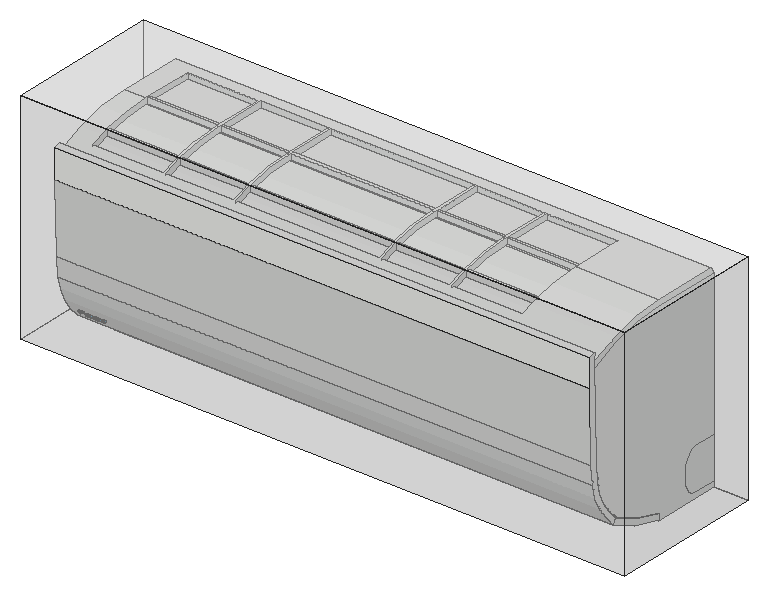
Revit family "outputfile", category 機械設備, Revit 2024 (continued)
Definition of nested family "DAIKIN_indoorunit_CTKM-RVM4"
  Automatic sketch dimensions
    Extrusion 22 sketch curve to plane 1 "Center (Front/Back)" = 0.0 mm
    Extrusion 22 sketch curve to Extrusion 22 sketch curve = 20.0 mm  (x2)
    Extrusion 22 sketch curve to level = 287.035 mm
    Extrusion 23 sketch curve to plane 1 "Center (Front/Back)" = 0.0 mm
    Extrusion 23 sketch curve to Extrusion 23 sketch curve = 20.0 mm  (x2)
    Extrusion 23 sketch curve to level = 287.035 mm
    plane 1 "Center (Front/Back)" to Extrusion 24 sketch curve = 0.0 mm  (x2)
    plane 3 "Center (Left/Right)" to Extrusion 24 sketch curve = 469.0 mm
    Extrusion 24 sketch curve to Extrusion 24 sketch curve = 20.0 mm  (x4)
    Extrusion 24 sketch curve to plane 3 "Center (Left/Right)" = 409.0 mm
  Nested families
    nested 1: "daikin_logo_plane_w40" at (-320, -198.871, -233.244) x (1, 0, 0) z (0, -0.7841, -0.6206), visible <- "switch_unit1_25-35", type "daikin_logo_plane_w40"
      with show_logo yes
    nested 2: "daikin_logo_plane_w40" at (-430, -237.74, -233.244) x (1, 0, 0) z (0, -0.7841, -0.6206), visible <- "switch_unit1_50-60", type "daikin_logo_plane_w40"
      with show_logo yes
  Definition of nested family "daikin_logo_plane_w40"
    Parameters (values of type "daikin_logo_plane_w40")
      width = 40.0 mm
      show_logo [instance] = yes
      material = none
      height = 0.0 mm
      depth = 0.0 mm
      Default Elevation = 1219.2 mm
    Reference planes
      plane 1 "Center (Front/Back)": y = 0
      plane 2: z = 0
      plane 3 "Center (Left/Right)": x = 0
      plane 4: z = 2
      plane 5 "left": x = -19
      plane 6: x = 19
    Forms (mm)
      Extrusion 1, solid, visible <- "show_logo"
        sketch origin (-19, 0, 0) x (1, 0, 0) y (0, 1, 0)
          loop
            line (8.902, -1.878) -> (7.789, -6.332) -> (11.13, -6.332)
            arc (11.13, -6.332) -> (12.454, -6.064) -> (13.472, -5.176) r 2.642
            arc (13.472, -5.176) -> (13.92, -4.02) -> (13.767, -2.79) r 2.537
            arc (13.767, -2.79) -> (13.452, -2.342) -> (12.982, -2.06) r 1.321
            arc (12.982, -2.06) -> (12.063, -1.902) -> (11.13, -1.878) r 6.479
            line (11.13, -1.878) -> (8.902, -1.878)
          loop
            line (10.016, -5.441) -> (10.907, -5.441)
            arc (10.907, -5.441) -> (11.591, -4.983) -> (11.988, -4.261) r 1.742
            spline (11.988, -4.261) -> (12.01, -4.155) -> (12.027, -4.03) -> (12.037, -3.893) -> (12.037, -3.747) -> (12.026, -3.598) -> (12.002, -3.451) -> (11.962, -3.31) -> (11.905, -3.181) -> (11.829, -3.069) -> (11.731, -2.978) -> (11.61, -2.913) -> (11.464, -2.88)
            line (11.464, -2.88) -> (10.573, -2.88) -> (10.016, -5.441)
          loop
            line (13.58, -6.332) -> (14.805, -6.332) -> (15.223, -5.553) -> (16.977, -5.553) -> (17.144, -6.332) -> (19.149, -6.332) -> (18.258, -1.878) -> (16.03, -1.878) -> (13.58, -6.332)
          loop
            line (16.476, -3.214) -> (15.76, -4.551) -> (16.762, -4.551) -> (16.476, -3.214)
          loop
            line (19.705, -6.332) -> (21.599, -6.332) -> (22.712, -1.878) -> (20.819, -1.878) -> (19.705, -6.332)
          loop
            line (22.712, -6.332) -> (24.606, -6.332) -> (24.908, -5.122) -> (25.831, -6.332) -> (28.17, -6.332) -> (26.388, -3.994) -> (28.949, -1.878) -> (26.945, -1.878) -> (25.401, -3.153) -> (25.719, -1.878) -> (23.826, -1.878) -> (22.712, -6.332)
          loop
            line (29.84, -1.878) -> (28.615, -6.332) -> (30.62, -6.332) -> (31.734, -1.878) -> (29.84, -1.878)
          loop
            line (31.734, -6.332) -> (33.07, -6.332) -> (33.7, -3.814) -> (34.518, -6.332) -> (36.745, -6.332) -> (37.859, -1.878) -> (36.523, -1.878) -> (35.845, -4.589) -> (34.963, -1.878) -> (32.847, -1.878) -> (31.734, -6.332)
        from 0 to 2
      Extrusion 2, solid, visible <- "show_logo"
        sketch origin (-19, 0, 0) x (1, 0, 0) y (0, 1, 0)
          loop
            line (8.7, 0) -> (4.235, 0) -> (0, -3.879) -> (0, -8) -> (8.7, 0)
        from 0 to 2
      Extrusion 3, solid, visible <- "show_logo"
        sketch origin (-19, 0, 0) x (1, 0, 0) y (0, 1, 0)
          loop
            line (0, 0) -> (0, -3.879) -> (4.235, 0) -> (0, 0)
        from 0 to 2
    Dimensions and locks
      plane 4 to plane 2 = 2.0 mm
      equal spacing: plane 5 "left", plane 3 "Center (Left/Right)", plane 6
      locked: plane 5 "left" to plane 6 at 38
      aligned and locked: level to plane 2
      aligned and locked: Extrusion 3 to plane 1 "Center (Front/Back)"  (x2)
      aligned and locked: Extrusion 2 to plane 1 "Center (Front/Back)"  (x2)
      aligned and locked: plane 4 to Extrusion 1
      aligned and locked: plane 4 to Extrusion 3
      aligned and locked: plane 4 to Extrusion 2
      aligned and locked: Extrusion 3 to plane 5 "left"
      aligned and locked: Extrusion 2 to plane 5 "left"
    Automatic sketch dimensions
      Extrusion 1 sketch curve to Extrusion 1 sketch curve = 0.901 mm
      Extrusion 1 sketch curve to Extrusion 1 sketch curve = 1.559 mm
      Extrusion 1 sketch curve to Extrusion 1 sketch curve = 1.327 mm
      Extrusion 1 sketch curve to Extrusion 1 sketch curve = 2.145 mm
      Extrusion 1 sketch curve to Extrusion 1 sketch curve = 1.448 mm
      Extrusion 1 sketch curve to Extrusion 1 sketch curve = 2.116 mm
      Extrusion 1 sketch curve to Extrusion 1 sketch curve = 1.114 mm  (x4)
      Extrusion 1 sketch curve to Extrusion 1 sketch curve = 1.336 mm  (x2)
      plane 1 "Center (Front/Back)" to Extrusion 1 sketch curve = 1.878 mm  (x5)
      Extrusion 1 sketch curve to Extrusion 1 sketch curve = 1.893 mm  (x5)
      Extrusion 1 sketch curve to Extrusion 1 sketch curve = 0.891 mm  (x4)
      Extrusion 1 sketch curve to Extrusion 1 sketch curve = 2.005 mm  (x3)
      Extrusion 1 sketch curve to Extrusion 1 sketch curve = 0.445 mm  (x2)
      plane 1 "Center (Front/Back)" to Extrusion 1 sketch curve = 3.994 mm
      Extrusion 1 sketch curve to Extrusion 1 sketch curve = 0.557 mm  (x2)
      Extrusion 1 sketch curve to Extrusion 1 sketch curve = 2.339 mm  (x2)
      Extrusion 1 sketch curve to Extrusion 1 sketch curve = 1.225 mm  (x3)
      plane 1 "Center (Front/Back)" to Extrusion 1 sketch curve = 3.153 mm
      Extrusion 1 sketch curve to Extrusion 1 sketch curve = 0.987 mm
      plane 1 "Center (Front/Back)" to Extrusion 1 sketch curve = 5.122 mm
      Extrusion 1 sketch curve to Extrusion 1 sketch curve = 0.922 mm
      plane 1 "Center (Front/Back)" to Extrusion 1 sketch curve = 6.332 mm
      Extrusion 1 sketch curve to Extrusion 1 sketch curve = 2.562 mm
      plane 1 "Center (Front/Back)" to Extrusion 1 sketch curve = 5.553 mm
      Extrusion 1 sketch curve to Extrusion 1 sketch curve = 0.167 mm
      Extrusion 1 sketch curve to Extrusion 1 sketch curve = 0.215 mm
      plane 1 "Center (Front/Back)" to Extrusion 1 sketch curve = 3.214 mm
      Extrusion 1 sketch curve to Extrusion 1 sketch curve = 0.286 mm
      plane 1 "Center (Front/Back)" to Extrusion 1 sketch curve = 4.551 mm
      Extrusion 1 sketch curve to Extrusion 1 sketch curve = 1.002 mm
      Extrusion 1 sketch curve to Extrusion 1 sketch curve = 0.537 mm
      Extrusion 1 sketch curve to Extrusion 1 sketch curve = 0.418 mm
      Extrusion 1 sketch curve to Extrusion 1 sketch curve = 1.028 mm
      plane 1 "Center (Front/Back)" to Extrusion 1 sketch curve = 4.261 mm
      Extrusion 1 sketch curve to Extrusion 1 sketch curve = 0.563 mm
      plane 1 "Center (Front/Back)" to Extrusion 1 sketch curve = 2.88 mm
      Extrusion 1 sketch curve to Extrusion 1 sketch curve = 1.088 mm
      Extrusion 1 sketch curve to Extrusion 1 sketch curve = 2.152 mm
      Extrusion 1 sketch curve to Extrusion 1 sketch curve = 0.586 mm
      Extrusion 1 sketch curve to Extrusion 1 sketch curve = 0.118 mm
      Extrusion 1 sketch curve to Extrusion 1 sketch curve = 0.298 mm
      Extrusion 1 sketch curve to Extrusion 1 sketch curve = 0.334 mm
      Extrusion 1 sketch curve to Extrusion 1 sketch curve = 0.223 mm
      Extrusion 1 sketch curve to Extrusion 1 sketch curve = 0.266 mm
      Extrusion 1 sketch curve to Extrusion 1 sketch curve = 1.671 mm
      Extrusion 1 sketch curve to Extrusion 1 sketch curve = 2.227 mm
      Extrusion 1 sketch curve to Extrusion 1 sketch curve = 0.0 mm  (x7)
      Extrusion 1 sketch curve to Extrusion 1 sketch curve = 3.453 mm
      Extrusion 1 sketch curve to Extrusion 1 sketch curve = 2.017 mm
      Extrusion 1 sketch curve to Extrusion 1 sketch curve = 0.78 mm  (x2)
      Extrusion 1 sketch curve to Extrusion 1 sketch curve = 1.743 mm
      Extrusion 1 sketch curve to Extrusion 1 sketch curve = 0.775 mm
      Extrusion 1 sketch curve to Extrusion 1 sketch curve = 0.552 mm
      Extrusion 1 sketch curve to Extrusion 1 sketch curve = 0.014 mm
      Extrusion 1 sketch curve to Extrusion 1 sketch curve = 0.952 mm
      Extrusion 1 sketch curve to Extrusion 1 sketch curve = 1.215 mm
      Extrusion 1 sketch curve to Extrusion 1 sketch curve = 0.108 mm
      plane 1 "Center (Front/Back)" to Extrusion 2 sketch curve = 0.0 mm
      Extrusion 2 sketch curve to plane 3 "Center (Left/Right)" = 19.0 mm
      Extrusion 2 sketch curve to plane 3 "Center (Left/Right)" = 14.765 mm
      Extrusion 2 sketch curve to Extrusion 2 sketch curve = 4.465 mm
      plane 1 "Center (Front/Back)" to Extrusion 2 sketch curve = 3.879 mm
      Extrusion 2 sketch curve to Extrusion 2 sketch curve = 4.12 mm
      plane 1 "Center (Front/Back)" to Extrusion 3 sketch curve = 0.0 mm
      Extrusion 3 sketch curve to plane 3 "Center (Left/Right)" = 19.0 mm
      Extrusion 3 sketch curve to plane 3 "Center (Left/Right)" = 14.765 mm
      plane 1 "Center (Front/Back)" to Extrusion 3 sketch curve = 3.879 mm
      Extrusion 1 sketch curve to plane 3 "Center (Left/Right)" = 11.211 mm
      Extrusion 1 sketch curve to Extrusion 1 sketch curve = 1.782 mm
Definition of nested family "daikin_connector_rotate3"
  Parameters (values of type "daikin_connector_rotate3")
    show [instance] = yes
    radius [instance] = 10.0 mm
    length [instance] = 600.0 mm
    angle_horizontal [instance] = 60.00°
    angle_vertical [instance] = 90.00°
    Default Elevation = 1219.2 mm
  Reference planes
    plane 1 "Center (Front/Back)": y = 0
    plane 2: z = 0
    plane 3 "Center (Left/Right)": x = 0
  Dimensions and locks
    "angle_horizontal": angle plane 3 "Center (Left/Right)" to nested 1
    aligned and locked: level to plane 2
    aligned and locked: plane 1 "Center (Front/Back)" to nested 1  (x2)
    aligned and locked: plane 3 "Center (Left/Right)" to nested 1
  Nested families
    nested 1: "daikin_connector_rotate2" at (0, 0, 0) x (0.5, 0.866, 0) z (0, 0, 1), angle_vertical <- "angle_vertical", length <- "length", radius <- "radius", type "daikin_connector_rotate2"
      with radius 10.0 mm, length 600.0 mm, angle_vertical 90.00°
  Definition of nested family "daikin_connector_rotate2"
    Parameters (values of type "daikin_connector_rotate2")
      show_face = yes
      radius [instance] = 10.0 mm
      length [instance] = 600.0 mm
      d_surface = 10.0 mm
      angle_vertical [instance] = 90.00°
      Default Elevation = 0.0 mm
    Reference planes
      plane 1 "Center (Front/Back)": y = 0
      plane 2: z = 0
      plane 3 "Center (Left/Right)": x = 0
    Forms (mm)
      Extrusion 1, solid, visible <- "show_face"
        sketch origin (0, -600, 0) x (1, 0, 0) y (0, 0, 1)
          loop
            circle (0, 0) r 10
        from 0 to -10
    Lines and regions (mm)
      reference lines
        curve 1: line (0, 0, 0) -> (0, -600, 0)
      symbolic lines
        curve 2: circle (0, 0, 0) r 5 normal (0, 0, 1)
      model lines, visible <- "show_face"
        curve 3: line (0, 0, 0) -> (0, -600, 0)
    Dimensions and locks
      "length": curve 1 to curve 1
      "length": curve 3 to curve 3
      "d_surface": Extrusion 1 to Extrusion 1
      "radius": radius of Extrusion 1 sketch curve
      "angle_vertical": angle curve 1 to plane 1 "Center (Front/Back)"
      "angle_vertical": angle curve 3 to plane 1 "Center (Front/Back)"
      aligned and locked: level to plane 2
      aligned and locked: plane 1 "Center (Front/Back)" to curve 1
      aligned and locked: plane 2 to curve 1
      aligned and locked: plane 1 "Center (Front/Back)" to curve 2
      aligned and locked: plane 3 "Center (Left/Right)" to curve 2
      aligned and locked: plane 1 "Center (Front/Back)" to curve 3
      aligned and locked: plane 2 to curve 3
      aligned and locked: Extrusion 1 to Extrusion 1
    Automatic sketch dimensions
      Extrusion 1 sketch curve to level = 0.0 mm
      Extrusion 1 sketch curve to plane 3 "Center (Left/Right)" = 0.0 mm
      radius of curve 2 = 5.0 mm
